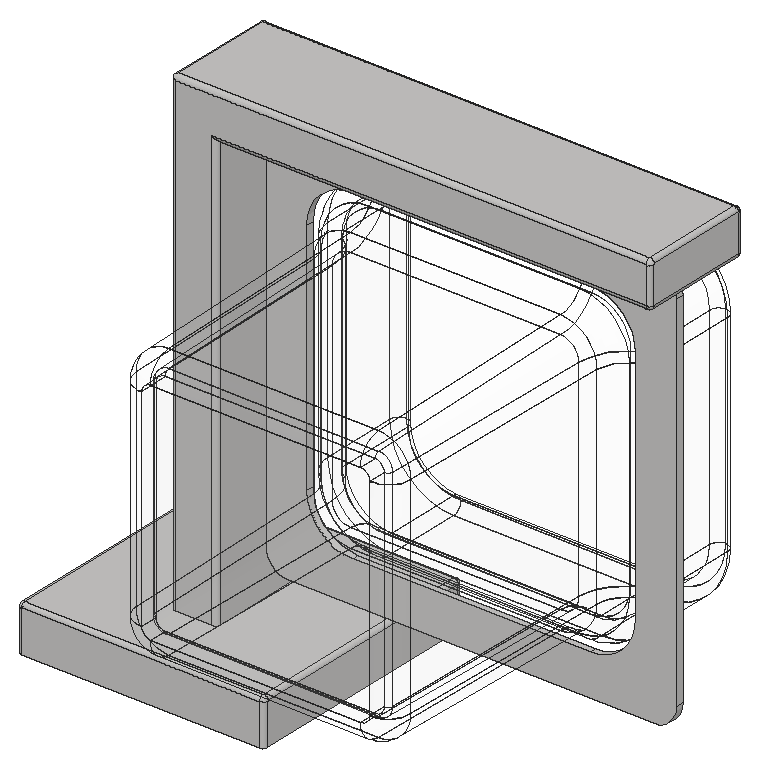
Revit family "PRD_FrankeWS_TmblrHldrs_CUBUSTumblerHolder_CUBX006HP", category Specialty Equipment, host Face, Revit 2018
Family settings
  Host = Face
  Round Connector Dimension = Use Diameter
  Part Type = Normal
  OmniClass Number = 23.40.20.21
  OmniClass Title = Toilet and Bath Specialties
  Cut with Voids When Loaded = No
  Shared = No
  Room Calculation Point = No
Parameters (values of type "CUBX006HP")
  WarrantyStartDate [instance] = "1900-12-31T23:59:59"
  WarrantyGuarantorParts = "n/a"
  WarrantyGuarantorLabor = "n/a"
  WarrantyDurationUnit = "year"
  WarrantyDurationParts = "n/a"
  WarrantyDurationLabor = "n/a"
  WarrantyDescription = "n/a"
  Version = "1"
  Uniclass2015Version = "Products v1.17"
  Uniclass2015Title = "Tumbler holders"
  Uniclass2015Code = "Pr_40_20_76_92"
  URL = "www.kwc.com"
  TypeOfMounting = "Wall mounting"
  TagNumber [instance] = "n/a"
  SustainabilityPerformance = "n/a"
  Style = "Tumbler holder"
  Size = "127 x 85 x 115 mm"
  Shape = "n/a"
  SerialNumber [instance] = "n/a"
  Revision = "n/a"
  ReplacementCost = "n/a"
  ProductInformation = "https://pim.kwc.com/product/2000106355/attachment/datasheet?locale=en"
  NominalWidth = 127.00 mm
  NominalHeight = 85.00 mm
  NominalDepth = 115.00 mm
  NetWeight = 0.49 kg
  Name = "Tumbler Holder CUBX006HP"
  NBSTypeID = "n/a"
  NBSReference = "45-35-72/376"
  NBSOfficeMasterTag = "n/a"
  NBSNote = "n/a"
  NBSDescription = "Tumbler holders"
  NBSCertification = "n/a"
  ModelReference = "CUBX006HP"
  ModelNumber = "2000106355"
  Model = ModelReference  # "CUBX006HP"
  MaterialCode = "1.4301"
  Material = "stainless steel"
  ManufacturerURL = "www.kwc.com"
  ManufacturerName = "KWC Group AG"  # constant formula
  Manufacturer = ManufacturerName  # "KWC Group AG"
  MainColor = "stainless steel"
  IsBuiltIn = "TRUE"
  IntegralAccessories = "incl. stainless steel screws and dowels"
  InstallationDate [instance] = "1900-12-31T23:59:59"
  IfcExportType = "USERDEFINED"
  IfcExportAs = "IfcFurnitureType"
  HolderMaterial = PRD_AR_StainlessSteel_HighPolished
  GrossWeight = 0.65 kg
  Grade = "n/a"
  Finish = "high polished"
  Features = "stainless steel, surface high polished"
  ExpectedLife = "n/a"
  DurationUnit = "year"
  Description = "Tumbler holder for wall mounting, 304 stainless steel, square glass cup, square cup with drilled holes on bottom for fixation, inclusive stainless steel screws and dowels."
  Default Elevation = 800.00 mm
  CupMaterial = PRD_AR_FrostedGlass
  CreateOn = "05/2020"  # constant formula
  Constituents = "n/a"
  Color = "n/a"
  CodePerformance = "n/a"
  Category = "Pr_40_20_76_92, Tumbler holders"
  BarCode [instance] = "n/a"
  BIMObjectName = "PRD_AR_TumblerHolders_CUBUSTumblerHolder_CUBX006HP"
  Author = "Archispace"  # constant formula
  AssetType = "Fixed"
  AssetIdentifier [instance] = "n/a"
  AccessibilityPerformance = "n/a"
Reference planes
  plane 1 "Center (Front/Back)": y = 0
  plane 2: z = 0
  plane 3 "Center (Left/Right)": x = 0
  plane 4: y = 27
  plane 5: y = -27
Forms (mm)
  Extrusion 1, solid, material "PRD_AR_StainlessSteel_HighPolished" <- "HolderMaterial", detail levels fine
    sketch origin (273, 0, 0) x (1, 0, 0) y (0, 1, 0)
      loop
        line (-300, 26) -> (-300, -26)
        arc (-300, -26) -> (-299.707, -26.707) -> (-299, -27) r 1
        line (-299, -27) -> (-247, -27)
        arc (-247, -27) -> (-246.293, -26.707) -> (-246, -26) r 1
        line (-246, -26) -> (-246, 26)
        arc (-246, 26) -> (-246.293, 26.707) -> (-247, 27) r 1
        line (-247, 27) -> (-299, 27)
        arc (-299, 27) -> (-299.707, 26.707) -> (-300, 26) r 1
    from 0 to 10
  Sweep 2, void
    path in 3D
      loop
        arc (-27, -26, 10) -> (-26.707, -26.707, 10) -> (-26, -27, 10) r 1
        line (-26, -27, 10) -> (26, -27, 10)
        arc (26, -27, 10) -> (26.707, -26.707, 10) -> (27, -26, 10) r 1
        line (27, -26, 10) -> (27, 26, 10)
        arc (27, 26, 10) -> (26.707, 26.707, 10) -> (26, 27, 10) r 1
        line (26, 27, 10) -> (-26, 27, 10)
        arc (-26, 27, 10) -> (-26.707, 26.707, 10) -> (-27, 26, 10) r 1
        line (-27, 26, 10) -> (-27, -26, 10)
    profile origin (-27, 0, 10) x (1, 0, 0) y (0, 0, 1)
      loop
        line (0, 0) -> (0, -0.9)
        arc (0, -0.9) -> (0.264, -0.264) -> (0.9, 0) r 0.9
        line (0.9, 0) -> (0, 0)
  Sweep 3, solid, material "PRD_AR_StainlessSteel_HighPolished" <- "HolderMaterial", detail levels fine
    path origin (273, 0, 0) x (1, 0, 0) y (0, 0, 1)
      loop
        line (-273, 10) -> (-273, 110) -> (-173, 110)
    profile origin (0, 0, 60) x (-1, 0, 0) y (0, -1, 0)
      loop
        line (5, -11.5) -> (5, 11.5)
        arc (5, 11.5) -> (4.707, 12.207) -> (4, 12.5) r 1
        line (4, 12.5) -> (-4, 12.5)
        arc (-4, 12.5) -> (-4.707, 12.207) -> (-5, 11.5) r 1
        line (-5, 11.5) -> (-5, -11.5)
        arc (-5, -11.5) -> (-4.707, -12.207) -> (-4, -12.5) r 1
        line (-4, -12.5) -> (4, -12.5)
        arc (4, -12.5) -> (4.707, -12.207) -> (5, -11.5) r 1
  Extrusion 4, void
    sketch origin (273, 0, 30) x (1, 0, 0) y (0, 0, 1)
      loop
        line (-278, 85) -> (-278, 84)
        arc (-278, 84) -> (-277.707, 84.707) -> (-277, 85) r 1
        line (-277, 85) -> (-278, 85)
    from -12.5 to 12.5
  Sweep 5, void
    path in 3D
      loop
        arc (100, -12.5, 106) -> (100, -12.207, 105.293) -> (100, -11.5, 105) r 1
        line (100, -11.5, 105) -> (100, 11.5, 105)
        arc (100, 11.5, 105) -> (100, 12.207, 105.293) -> (100, 12.5, 106) r 1
        line (100, 12.5, 106) -> (100, 12.5, 114)
        arc (100, 12.5, 114) -> (100, 12.207, 114.707) -> (100, 11.5, 115) r 1
        line (100, 11.5, 115) -> (100, -11.5, 115)
        arc (100, -11.5, 115) -> (100, -12.207, 114.707) -> (100, -12.5, 114) r 1
        line (100, -12.5, 114) -> (100, -12.5, 106)
    profile origin (100, -12.5, 110) x (1, 0, 0) y (0, 1, 0)
      loop
        line (0, 0) -> (0, 0.9)
        arc (0, 0.9) -> (-0.264, 0.264) -> (-0.9, 0) r 0.9
        line (-0.9, 0) -> (0, 0)
  Extrusion 6, solid, material "PRD_AR_StainlessSteel_HighPolished" <- "HolderMaterial", detail levels medium
    sketch origin (273, 0, 0) x (1, 0, 0) y (0, 1, 0)
      loop
        line (-300, 27) -> (-300, -27) -> (-246, -27) -> (-246, 27) -> (-300, 27)
    from 0 to 10
  Extrusion 7, solid, material "PRD_AR_StainlessSteel_HighPolished" <- "HolderMaterial", detail levels fine
    sketch origin (0, 0, 0) x (1, 0, 0) y (0, 0, 1)
      loop
        arc (5, 20) -> (6.464, 16.464) -> (10, 15) r 5
        line (10, 15) -> (90, 15)
        arc (90, 15) -> (93.536, 16.464) -> (95, 20) r 5
        line (95, 20) -> (95, 100)
        arc (95, 100) -> (93.536, 103.536) -> (90, 105) r 5
        line (90, 105) -> (10, 105)
        arc (10, 105) -> (6.464, 103.536) -> (5, 100) r 5
        line (5, 100) -> (5, 20)
      loop
        arc (14, 34) -> (16.929, 26.929) -> (24, 24) r 10
        line (24, 24) -> (76, 24)
        arc (76, 24) -> (83.071, 26.929) -> (86, 34) r 10
        line (86, 34) -> (86, 86)
        arc (86, 86) -> (83.071, 93.071) -> (76, 96) r 10
        line (76, 96) -> (24, 96)
        arc (24, 96) -> (16.929, 93.071) -> (14, 86) r 10
        line (14, 86) -> (14, 34)
    from -1 to -2.5
  Sweep 8, solid, material "PRD_AR_FrostedGlass" <- "CupMaterial", detail levels fine
    path origin (0, 0, 0) x (1, 0, 0) y (0, 0, 1)
      loop
        arc (25, 37) -> (25.586, 35.586) -> (27, 35) r 2
        line (27, 35) -> (73, 35)
        arc (73, 35) -> (74.414, 35.586) -> (75, 37) r 2
        line (75, 37) -> (75, 83)
        arc (75, 83) -> (74.414, 84.414) -> (73, 85) r 2
        line (73, 85) -> (27, 85)
        arc (27, 85) -> (25.586, 84.414) -> (25, 83) r 2
        line (25, 83) -> (25, 37)
    profile origin (25, 0, 60) x (-1, 0, 0) y (0, -1, 0)
      loop
        arc (12, -8) -> (11.154, -4.589) -> (8.813, -1.969) r 7.3
        arc (8.813, -1.969) -> (6.756, 0.312) -> (5.977, 3.283) r 6.5
        line (5.977, 3.283) -> (5.077, 53.091)
        arc (5.077, 53.091) -> (3.549, 56.6) -> (-0.013, 58) r 5
        line (-0.013, 58) -> (-0.013, 53.997)
        arc (-0.013, 53.997) -> (0.745, 53.745) -> (1.077, 53.019) r 1
        line (1.077, 53.019) -> (1.977, 3.211)
        arc (1.977, 3.211) -> (3.237, -1.588) -> (6.559, -5.274) r 10.5
        arc (6.559, -5.274) -> (7.618, -6.458) -> (8, -8) r 3.3
        line (8, -8) -> (8, -25)
        arc (8, -25) -> (8.586, -26.414) -> (10, -27) r 2
        arc (10, -27) -> (11.414, -26.414) -> (12, -25) r 2
        line (12, -25) -> (12, -8)
  Extrusion 9, solid, material "PRD_AR_FrostedGlass" <- "CupMaterial", detail levels fine
    sketch origin (0, 0, 0) x (1, 0, 0) y (0, 0, 1)
      loop
        arc (25.013, 37) -> (25.595, 35.595) -> (27, 35.013) r 1.987
        line (27, 35.013) -> (73, 35.013)
        arc (73, 35.013) -> (74.405, 35.595) -> (74.987, 37) r 1.987
        line (74.987, 37) -> (74.987, 83)
        arc (74.987, 83) -> (74.405, 84.405) -> (73, 84.987) r 1.987
        line (73, 84.987) -> (27, 84.987)
        arc (27, 84.987) -> (25.595, 84.405) -> (25.013, 83) r 1.987
        line (25.013, 83) -> (25.013, 37)
    from 53.997 to 58
  Sweep 10, solid, material "PRD_AR_StainlessSteel_HighPolished" <- "HolderMaterial", detail levels medium
    path origin (273, 0, 0) x (1, 0, 0) y (0, 0, 1)
      loop
        line (-273, 10) -> (-273, 110) -> (-173, 110)
    profile origin (0, 0, 60) x (-1, 0, 0) y (0, -1, 0)
      loop
        line (5, -12.5) -> (5, 12.5) -> (-5, 12.5) -> (-5, -12.5) -> (5, -12.5)
  Extrusion 11, solid, material "PRD_AR_FrostedGlass" <- "CupMaterial", detail levels medium
    sketch origin (175, 0, 0) x (1, 0, 0) y (0, 1, 0)
      loop
        line (-88, 27) -> (-162, 27) -> (-162, -58) -> (-88, -58) -> (-88, 27)
    from 23 to 97
  Extrusion 12, solid, material "PRD_AR_StainlessSteel_HighPolished" <- "HolderMaterial", detail levels coarse
    sketch origin (340, 0, 0) x (1, 0, 0) y (0, 1, 0)
      loop
        line (-367, 27) -> (-367, -58) -> (-240, -58) -> (-240, 27) -> (-367, 27)
    from 0 to 115
Cuts and joins
  Sweep 2 cuts Extrusion 1
  Extrusion 4, Sweep 5 cuts Sweep 3
Lines and regions (mm)
  sketch lines
    curve 1: line (-27, 26, 10) -> (-27, -26, 10)
    curve 2: arc (-27, 26, 10) -> (-26.707, 26.707, 10) -> (-26, 27, 10) r 1
    curve 3: line (26, 27, 10) -> (-26, 27, 10)
    curve 4: arc (26, 27, 10) -> (26.707, 26.707, 10) -> (27, 26, 10) r 1
    curve 5: line (27, -26, 10) -> (27, 26, 10)
    curve 6: arc (-26, -27, 10) -> (-26.707, -26.707, 10) -> (-27, -26, 10) r 1
    curve 7: line (-26, -27, 10) -> (26, -27, 10)
    curve 8: arc (27, -26, 10) -> (26.707, -26.707, 10) -> (26, -27, 10) r 1
    curve 9: line (100, -12.5, 114) -> (100, -12.5, 106)
    curve 10: arc (100, -12.5, 114) -> (100, -12.207, 114.707) -> (100, -11.5, 115) r 1
    curve 11: line (100, 11.5, 115) -> (100, -11.5, 115)
    curve 12: arc (100, 11.5, 115) -> (100, 12.207, 114.707) -> (100, 12.5, 114) r 1
    curve 13: line (100, 12.5, 106) -> (100, 12.5, 114)
    curve 14: arc (100, 12.5, 106) -> (100, 12.207, 105.293) -> (100, 11.5, 105) r 1
    curve 15: line (100, -11.5, 105) -> (100, 11.5, 105)
    curve 16: arc (100, -11.5, 105) -> (100, -12.207, 105.293) -> (100, -12.5, 106) r 1
Dimensions and locks
  plane 1 "Center (Front/Back)" to plane 5 = 27.00 mm
  plane 1 "Center (Front/Back)" to plane 4 = 27.00 mm
  aligned and locked: plane 2 to host face
  aligned and locked: level to host face
